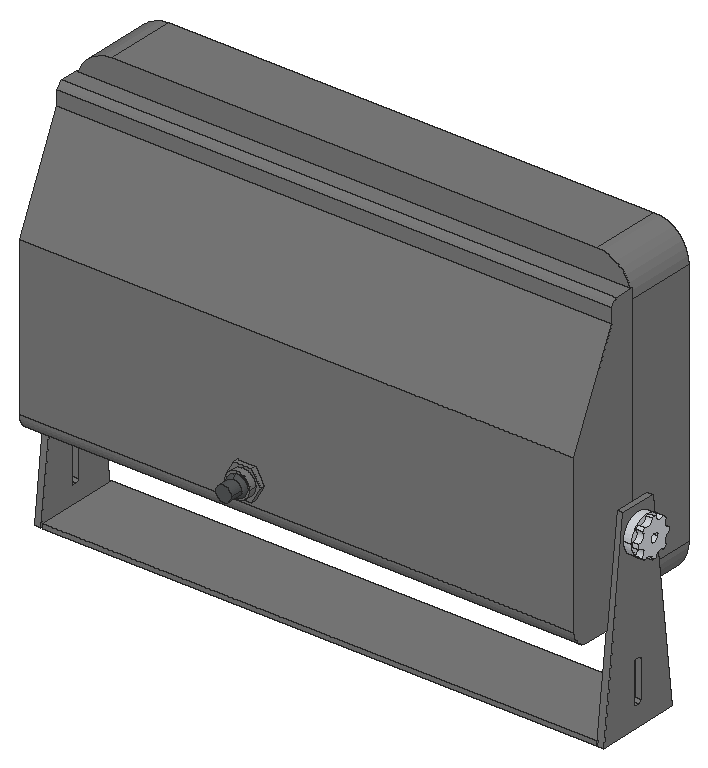
Revit family "WALL WASHER PRO_LV363WW.40", category Luminarias, Revit 2019
Family settings
  Cota de conector redondo = Diámetro de uso
  Tipo de pieza = Normal
  Se basa en plano de trabajo = Sí
  Siempre vertical = No
  Corte con vacíos al cargar = No
  Origen de luz = Sí
  Compartido = No
  Punto de cálculo de habitación = No
Parameters (values of type "REFL_LV363WW.40")
  Ángulo de inclinación = 30.00°
  Zone [instance] = ""
  Watt per fixture = 108
  Wattage = 108 W
  built-in parameter 1150107 = 3000 (stored number, unit not read)
  built-in parameter 1150110 = 1 (stored number, unit not read)
  built-in parameter 1150109 = 1 (stored number, unit not read)
  built-in parameter 1150112 = 1 (stored number, unit not read)
  built-in parameter 1150113 = 1 (stored number, unit not read)
  built-in parameter 1114218 = 1 (stored number, unit not read)
  Keynote = ""
  built-in parameter 1150137 = (empty or 0)
  built-in parameter 1150132 = (empty or 0)
  Modelo = "LV363WW.40"
  Lámpara = "CREE"
  built-in parameter 1150105 = 436.85 (stored number, unit not read)
  built-in parameter 1150102 = (empty or 0)
  built-in parameter 1150106 = 4.3685 (stored number, unit not read)
  Lumens = 5489.64 lm
  Color Filter = 16777215
  built-in parameter 1114217 = 1 (stored number, unit not read)
  built-in parameter 1150139 = (empty or 0)
  Fabricante = "BRILLANT"
  Default Elevation = 0 mm
  built-in parameter 1150104 = 4.7223 (stored number, unit not read)
  Descripción = "LUMINARIA TIPO REFLECTOR MONOCROMATICO, WALL WASHER , CUERPO EN ALUMINIO FUNDIDO A PRESION CON UN PESO DE 10.4KG, CON 453MM DE LARGO POR 333MM DE ALTURA POR 114MM DE ESPESOR, CUENTA CON 36 LED TIPO CREE CON UN CONSUMO TOTAL DE 108W, 5490 LUMENES , CON UNA TEMPERATURA EN BLANCO CALIDO DE 3000K, IP 66,  CABLE H07RN DE 1.5M, APERTURA DE 40 GRADOS POR PROYECTO, ALIMENTADA A 90-277V."
  built-in parameter 1150115 = 1 (stored number, unit not read)
  built-in parameter 1150114 = 1 (stored number, unit not read)
  Comentarios de vataje = "90-277V"
  built-in parameter 1150138 = (empty or 0)
  built-in parameter 1150134 = (empty or 0)
  Circuit [instance] = ""
  Dimming Lamp Color Temperature Shift = 1
  Archivo de red fotométrica = "LV363WW_40.IES"
  built-in parameter 1150133 = 10 (stored number, unit not read)
Reference planes
  plane 1 "Centro (Frontal/Posterior)": y = 0
  plane 2: z = 0
  plane 3 "Centro (Izquierda/Derecha)": x = 0
  plane 4: x = -226.5
  plane 5: x = 226.5
  plane 6: z = 333
  plane 7: x = 0
  plane 8: y = 57
  plane 9: y = -57
  plane 10 "IZQ": x = -39.253
Forms (mm)
  Extrusion 1, solid, material "Aluminio"
    sketch origin (0, 0, 0) x (0, 1, 0) y (0, 0, 1)
      loop
        arc (-15, 311.344) -> (-17.857, 309.228) -> (-19.973, 306.371) r 12.072
        line (-19.973, 306.371) -> (-19.973, 295.012) -> (-57, 215.607) -> (-57, 90.801)
        arc (-57, 90.801) -> (-53.222, 81.679) -> (-44.099, 77.901) r 12.901
        line (-44.099, 77.901) -> (0, 77.901) -> (0, 311.344) -> (-15, 311.344)
    from -219.911 to 221.5
  Extrusion 2, solid, material "Aluminio"
    sketch origin (0, 0, 0) x (0, 1, 0) y (0, 0, -1)
      loop
        line (34.275, 0) -> (-34.275, 0) -> (-14.671, -159.662) -> (14.671, -159.662) -> (34.275, 0)
      loop
        line (-1.599, -49.837) -> (1.599, -49.837)
        arc (1.599, -49.837) -> (3.167, -49.187) -> (3.816, -47.62) r 2.217
        line (3.816, -47.62) -> (3.816, -18.226)
        arc (3.816, -18.226) -> (3.167, -16.658) -> (1.599, -16.009) r 2.217
        line (1.599, -16.009) -> (-1.599, -16.009)
        arc (-1.599, -16.009) -> (-3.167, -16.658) -> (-3.816, -18.226) r 2.217
        line (-3.816, -18.226) -> (-3.816, -47.62)
        arc (-3.816, -47.62) -> (-3.167, -49.187) -> (-1.599, -49.837) r 2.217
    from -226.5 to -221.5
  Extrusion 3, solid, material "Aluminio"
    sketch origin (0, 0, 0) x (1, 0, 0) y (0, 1, 0)
      loop
        line (-219.911, 35) -> (-219.911, -34.275) -> (221.5, -34.275) -> (221.5, 35) -> (-219.911, 35)
    from 0 to 3.546
  Revolve 4, solid
    sketch origin (-190.028, -248.577, 269.956) x (-1, 0, 0) y (0, -1, 0)
      loop
        line (-30.028, -289.911) -> (-30.028, -286.113) -> (-40.845, -286.113)
        arc (-40.845, -286.113) -> (-35.744, -288.888) -> (-30.028, -289.911) r 18.17
      axis (-30.028, -286.113) -> (-30.028, -289.911)
    angle from 0 to 360
  Extrusion 5, solid
    sketch origin (-19.132, 0, -2.987) x (0, 1, 0) y (0, 0, -1)
      loop
        circle (0, -142.5) r 15
    from 207.368 to 214.676
  Extrusion 6, solid
    sketch origin (-19.132, 0, -81.925) x (0, 1, 0) y (0, 0, 1)
      loop
        arc (14.911, 219.803) -> (15, 221.438) -> (14.911, 223.073) r 15
        arc (14.911, 223.073) -> (10.77, 225.899) -> (11.7, 230.825) r 4.579
        arc (11.7, 230.825) -> (10.607, 232.045) -> (9.387, 233.138) r 15
        arc (9.387, 233.138) -> (4.461, 232.208) -> (1.635, 236.349) r 4.579
        arc (1.635, 236.349) -> (0, 236.438) -> (-1.635, 236.349) r 15
        arc (-1.635, 236.349) -> (-4.461, 232.208) -> (-9.387, 233.138) r 4.579
        arc (-9.387, 233.138) -> (-10.607, 232.045) -> (-11.7, 230.825) r 15
        arc (-11.7, 230.825) -> (-10.77, 225.899) -> (-14.911, 223.073) r 4.579
        arc (-14.911, 223.073) -> (-15, 221.438) -> (-14.911, 219.803) r 15
        arc (-14.911, 219.803) -> (-10.77, 216.977) -> (-11.7, 212.051) r 4.579
        arc (-11.7, 212.051) -> (-10.607, 210.832) -> (-9.387, 209.739) r 15
        arc (-9.387, 209.739) -> (-4.461, 210.669) -> (-1.635, 206.528) r 4.579
        arc (-1.635, 206.528) -> (0, 206.438) -> (1.635, 206.528) r 15
        arc (1.635, 206.528) -> (4.461, 210.669) -> (9.387, 209.739) r 4.579
        arc (9.387, 209.739) -> (10.607, 210.832) -> (11.7, 212.051) r 15
        arc (11.7, 212.051) -> (10.77, 216.977) -> (14.911, 219.803) r 4.579
      loop
        circle (0, 221.438) r 3.632
    from -220.417 to -214.676
  Extrusion 7, solid
    sketch origin (19.132, 0, -2.987) x (0, 1, 0) y (0, 0, 1)
      loop
        circle (0, 142.5) r 15
    from 207.368 to 214.676
  Extrusion 8, solid
    sketch origin (19.132, 0, -81.925) x (0, 1, 0) y (0, 0, -1)
      loop
        arc (14.911, -219.803) -> (10.77, -216.977) -> (11.7, -212.051) r 4.579
        arc (11.7, -212.051) -> (10.607, -210.832) -> (9.387, -209.739) r 15
        arc (9.387, -209.739) -> (4.461, -210.669) -> (1.635, -206.528) r 4.579
        arc (1.635, -206.528) -> (0, -206.438) -> (-1.635, -206.528) r 15
        arc (-1.635, -206.528) -> (-4.461, -210.669) -> (-9.387, -209.739) r 4.579
        arc (-9.387, -209.739) -> (-10.607, -210.832) -> (-11.7, -212.051) r 15
        arc (-11.7, -212.051) -> (-10.77, -216.977) -> (-14.911, -219.803) r 4.579
        arc (-14.911, -219.803) -> (-15, -221.438) -> (-14.911, -223.073) r 15
        arc (-14.911, -223.073) -> (-10.77, -225.899) -> (-11.7, -230.825) r 4.579
        arc (-11.7, -230.825) -> (-10.607, -232.045) -> (-9.387, -233.138) r 15
        arc (-9.387, -233.138) -> (-4.461, -232.208) -> (-1.635, -236.349) r 4.579
        arc (-1.635, -236.349) -> (0, -236.438) -> (1.635, -236.349) r 15
        arc (1.635, -236.349) -> (4.461, -232.208) -> (9.387, -233.138) r 4.579
        arc (9.387, -233.138) -> (10.607, -232.045) -> (11.7, -230.825) r 15
        arc (11.7, -230.825) -> (10.77, -225.899) -> (14.911, -223.073) r 4.579
        arc (14.911, -223.073) -> (15, -221.438) -> (14.911, -219.803) r 15
      loop
        circle (0, -221.438) r 3.632
    from -220.417 to -214.676
  Revolve 9, solid
    sketch origin (129.972, -248.577, 269.956) x (-1, 0, 0) y (0, -1, 0)
      loop
        line (-30.028, -289.911) -> (-30.028, -286.113) -> (-40.845, -286.113)
        arc (-40.845, -286.113) -> (-35.744, -288.888) -> (-30.028, -289.911) r 18.17
      axis (-30.028, -286.113) -> (-30.028, -289.911)
    angle from 0 to 360
  Revolve 10, solid
    sketch origin (-158.028, -248.577, 269.956) x (-1, 0, 0) y (0, -1, 0)
      loop
        line (-30.028, -289.911) -> (-30.028, -286.113) -> (-40.845, -286.113)
        arc (-40.845, -286.113) -> (-35.744, -288.888) -> (-30.028, -289.911) r 18.17
      axis (-30.028, -286.113) -> (-30.028, -289.911)
    angle from 0 to 360
  Revolve 11, solid
    sketch origin (-126.028, -248.577, 269.956) x (-1, 0, 0) y (0, -1, 0)
      loop
        line (-30.028, -289.911) -> (-30.028, -286.113) -> (-40.845, -286.113)
        arc (-40.845, -286.113) -> (-35.744, -288.888) -> (-30.028, -289.911) r 18.17
      axis (-30.028, -286.113) -> (-30.028, -289.911)
    angle from 0 to 360
  Revolve 12, solid
    sketch origin (-94.028, -248.577, 269.956) x (-1, 0, 0) y (0, -1, 0)
      loop
        line (-30.028, -289.911) -> (-30.028, -286.113) -> (-40.845, -286.113)
        arc (-40.845, -286.113) -> (-35.744, -288.888) -> (-30.028, -289.911) r 18.17
      axis (-30.028, -286.113) -> (-30.028, -289.911)
    angle from 0 to 360
  Revolve 13, solid
    sketch origin (-62.028, -248.577, 269.956) x (-1, 0, 0) y (0, -1, 0)
      loop
        line (-30.028, -289.911) -> (-30.028, -286.113) -> (-40.845, -286.113)
        arc (-40.845, -286.113) -> (-35.744, -288.888) -> (-30.028, -289.911) r 18.17
      axis (-30.028, -286.113) -> (-30.028, -289.911)
    angle from 0 to 360
  Revolve 14, solid
    sketch origin (-30.028, -248.577, 269.956) x (-1, 0, 0) y (0, -1, 0)
      loop
        line (-30.028, -289.911) -> (-30.028, -286.113) -> (-40.845, -286.113)
        arc (-40.845, -286.113) -> (-35.744, -288.888) -> (-30.028, -289.911) r 18.17
      axis (-30.028, -286.113) -> (-30.028, -289.911)
    angle from 0 to 360
  Revolve 15, solid
    sketch origin (1.972, -248.577, 269.956) x (-1, 0, 0) y (0, -1, 0)
      loop
        line (-30.028, -289.911) -> (-30.028, -286.113) -> (-40.845, -286.113)
        arc (-40.845, -286.113) -> (-35.744, -288.888) -> (-30.028, -289.911) r 18.17
      axis (-30.028, -286.113) -> (-30.028, -289.911)
    angle from 0 to 360
  Revolve 16, solid
    sketch origin (33.972, -248.577, 269.956) x (-1, 0, 0) y (0, -1, 0)
      loop
        line (-30.028, -289.911) -> (-30.028, -286.113) -> (-40.845, -286.113)
        arc (-40.845, -286.113) -> (-35.744, -288.888) -> (-30.028, -289.911) r 18.17
      axis (-30.028, -286.113) -> (-30.028, -289.911)
    angle from 0 to 360
  Revolve 17, solid
    sketch origin (65.972, -248.577, 269.956) x (-1, 0, 0) y (0, -1, 0)
      loop
        line (-30.028, -289.911) -> (-30.028, -286.113) -> (-40.845, -286.113)
        arc (-40.845, -286.113) -> (-35.744, -288.888) -> (-30.028, -289.911) r 18.17
      axis (-30.028, -286.113) -> (-30.028, -289.911)
    angle from 0 to 360
  Revolve 18, solid
    sketch origin (97.972, -248.577, 269.956) x (-1, 0, 0) y (0, -1, 0)
      loop
        line (-30.028, -289.911) -> (-30.028, -286.113) -> (-40.845, -286.113)
        arc (-40.845, -286.113) -> (-35.744, -288.888) -> (-30.028, -289.911) r 18.17
      axis (-30.028, -286.113) -> (-30.028, -289.911)
    angle from 0 to 360
  Revolve 19, solid
    sketch origin (-190.028, -248.577, 229.956) x (-1, 0, 0) y (0, -1, 0)
      loop
        line (-30.028, -289.911) -> (-30.028, -286.113) -> (-40.845, -286.113)
        arc (-40.845, -286.113) -> (-35.744, -288.888) -> (-30.028, -289.911) r 18.17
      axis (-30.028, -286.113) -> (-30.028, -289.911)
    angle from 0 to 360
  Revolve 20, solid
    sketch origin (129.972, -248.577, 229.956) x (-1, 0, 0) y (0, -1, 0)
      loop
        line (-30.028, -289.911) -> (-30.028, -286.113) -> (-40.845, -286.113)
        arc (-40.845, -286.113) -> (-35.744, -288.888) -> (-30.028, -289.911) r 18.17
      axis (-30.028, -286.113) -> (-30.028, -289.911)
    angle from 0 to 360
  Revolve 21, solid
    sketch origin (-158.028, -248.577, 229.956) x (-1, 0, 0) y (0, -1, 0)
      loop
        line (-30.028, -289.911) -> (-30.028, -286.113) -> (-40.845, -286.113)
        arc (-40.845, -286.113) -> (-35.744, -288.888) -> (-30.028, -289.911) r 18.17
      axis (-30.028, -286.113) -> (-30.028, -289.911)
    angle from 0 to 360
  Revolve 22, solid
    sketch origin (-126.028, -248.577, 229.956) x (-1, 0, 0) y (0, -1, 0)
      loop
        line (-30.028, -289.911) -> (-30.028, -286.113) -> (-40.845, -286.113)
        arc (-40.845, -286.113) -> (-35.744, -288.888) -> (-30.028, -289.911) r 18.17
      axis (-30.028, -286.113) -> (-30.028, -289.911)
    angle from 0 to 360
  Revolve 23, solid
    sketch origin (-94.028, -248.577, 229.956) x (-1, 0, 0) y (0, -1, 0)
      loop
        line (-30.028, -289.911) -> (-30.028, -286.113) -> (-40.845, -286.113)
        arc (-40.845, -286.113) -> (-35.744, -288.888) -> (-30.028, -289.911) r 18.17
      axis (-30.028, -286.113) -> (-30.028, -289.911)
    angle from 0 to 360
  Revolve 24, solid
    sketch origin (-62.028, -248.577, 229.956) x (-1, 0, 0) y (0, -1, 0)
      loop
        line (-30.028, -289.911) -> (-30.028, -286.113) -> (-40.845, -286.113)
        arc (-40.845, -286.113) -> (-35.744, -288.888) -> (-30.028, -289.911) r 18.17
      axis (-30.028, -286.113) -> (-30.028, -289.911)
    angle from 0 to 360
  Revolve 25, solid
    sketch origin (-30.028, -248.577, 229.956) x (-1, 0, 0) y (0, -1, 0)
      loop
        line (-30.028, -289.911) -> (-30.028, -286.113) -> (-40.845, -286.113)
        arc (-40.845, -286.113) -> (-35.744, -288.888) -> (-30.028, -289.911) r 18.17
      axis (-30.028, -286.113) -> (-30.028, -289.911)
    angle from 0 to 360
  Revolve 26, solid
    sketch origin (1.972, -248.577, 229.956) x (-1, 0, 0) y (0, -1, 0)
      loop
        line (-30.028, -289.911) -> (-30.028, -286.113) -> (-40.845, -286.113)
        arc (-40.845, -286.113) -> (-35.744, -288.888) -> (-30.028, -289.911) r 18.17
      axis (-30.028, -286.113) -> (-30.028, -289.911)
    angle from 0 to 360
  Revolve 27, solid
    sketch origin (33.972, -248.577, 229.956) x (-1, 0, 0) y (0, -1, 0)
      loop
        line (-30.028, -289.911) -> (-30.028, -286.113) -> (-40.845, -286.113)
        arc (-40.845, -286.113) -> (-35.744, -288.888) -> (-30.028, -289.911) r 18.17
      axis (-30.028, -286.113) -> (-30.028, -289.911)
    angle from 0 to 360
  Revolve 28, solid
    sketch origin (65.972, -248.577, 229.956) x (-1, 0, 0) y (0, -1, 0)
      loop
        line (-30.028, -289.911) -> (-30.028, -286.113) -> (-40.845, -286.113)
        arc (-40.845, -286.113) -> (-35.744, -288.888) -> (-30.028, -289.911) r 18.17
      axis (-30.028, -286.113) -> (-30.028, -289.911)
    angle from 0 to 360
  Revolve 29, solid
    sketch origin (97.972, -248.577, 229.956) x (-1, 0, 0) y (0, -1, 0)
      loop
        line (-30.028, -289.911) -> (-30.028, -286.113) -> (-40.845, -286.113)
        arc (-40.845, -286.113) -> (-35.744, -288.888) -> (-30.028, -289.911) r 18.17
      axis (-30.028, -286.113) -> (-30.028, -289.911)
    angle from 0 to 360
  Revolve 30, solid
    sketch origin (-190.028, -248.577, 189.956) x (-1, 0, 0) y (0, -1, 0)
      loop
        line (-30.028, -289.911) -> (-30.028, -286.113) -> (-40.845, -286.113)
        arc (-40.845, -286.113) -> (-35.744, -288.888) -> (-30.028, -289.911) r 18.17
      axis (-30.028, -286.113) -> (-30.028, -289.911)
    angle from 0 to 360
  Revolve 31, solid
    sketch origin (129.972, -248.577, 189.956) x (-1, 0, 0) y (0, -1, 0)
      loop
        line (-30.028, -289.911) -> (-30.028, -286.113) -> (-40.845, -286.113)
        arc (-40.845, -286.113) -> (-35.744, -288.888) -> (-30.028, -289.911) r 18.17
      axis (-30.028, -286.113) -> (-30.028, -289.911)
    angle from 0 to 360
  Revolve 32, solid
    sketch origin (-158.028, -248.577, 189.956) x (-1, 0, 0) y (0, -1, 0)
      loop
        line (-30.028, -289.911) -> (-30.028, -286.113) -> (-40.845, -286.113)
        arc (-40.845, -286.113) -> (-35.744, -288.888) -> (-30.028, -289.911) r 18.17
      axis (-30.028, -286.113) -> (-30.028, -289.911)
    angle from 0 to 360
  Revolve 33, solid
    sketch origin (-126.028, -248.577, 189.956) x (-1, 0, 0) y (0, -1, 0)
      loop
        line (-30.028, -289.911) -> (-30.028, -286.113) -> (-40.845, -286.113)
        arc (-40.845, -286.113) -> (-35.744, -288.888) -> (-30.028, -289.911) r 18.17
      axis (-30.028, -286.113) -> (-30.028, -289.911)
    angle from 0 to 360
  Revolve 34, solid
    sketch origin (-94.028, -248.577, 189.956) x (-1, 0, 0) y (0, -1, 0)
      loop
        line (-30.028, -289.911) -> (-30.028, -286.113) -> (-40.845, -286.113)
        arc (-40.845, -286.113) -> (-35.744, -288.888) -> (-30.028, -289.911) r 18.17
      axis (-30.028, -286.113) -> (-30.028, -289.911)
    angle from 0 to 360
  Revolve 35, solid
    sketch origin (-62.028, -248.577, 189.956) x (-1, 0, 0) y (0, -1, 0)
      loop
        line (-30.028, -289.911) -> (-30.028, -286.113) -> (-40.845, -286.113)
        arc (-40.845, -286.113) -> (-35.744, -288.888) -> (-30.028, -289.911) r 18.17
      axis (-30.028, -286.113) -> (-30.028, -289.911)
    angle from 0 to 360
  Revolve 36, solid
    sketch origin (-30.028, -248.577, 189.956) x (-1, 0, 0) y (0, -1, 0)
      loop
        line (-30.028, -289.911) -> (-30.028, -286.113) -> (-40.845, -286.113)
        arc (-40.845, -286.113) -> (-35.744, -288.888) -> (-30.028, -289.911) r 18.17
      axis (-30.028, -286.113) -> (-30.028, -289.911)
    angle from 0 to 360
  Revolve 37, solid
    sketch origin (1.972, -248.577, 189.956) x (-1, 0, 0) y (0, -1, 0)
      loop
        line (-30.028, -289.911) -> (-30.028, -286.113) -> (-40.845, -286.113)
        arc (-40.845, -286.113) -> (-35.744, -288.888) -> (-30.028, -289.911) r 18.17
      axis (-30.028, -286.113) -> (-30.028, -289.911)
    angle from 0 to 360
  Revolve 38, solid
    sketch origin (33.972, -248.577, 189.956) x (-1, 0, 0) y (0, -1, 0)
      loop
        line (-30.028, -289.911) -> (-30.028, -286.113) -> (-40.845, -286.113)
        arc (-40.845, -286.113) -> (-35.744, -288.888) -> (-30.028, -289.911) r 18.17
      axis (-30.028, -286.113) -> (-30.028, -289.911)
    angle from 0 to 360
  Revolve 39, solid
    sketch origin (65.972, -248.577, 189.956) x (-1, 0, 0) y (0, -1, 0)
      loop
        line (-30.028, -289.911) -> (-30.028, -286.113) -> (-40.845, -286.113)
        arc (-40.845, -286.113) -> (-35.744, -288.888) -> (-30.028, -289.911) r 18.17
      axis (-30.028, -286.113) -> (-30.028, -289.911)
    angle from 0 to 360
  Revolve 40, solid
    sketch origin (97.972, -248.577, 189.956) x (-1, 0, 0) y (0, -1, 0)
      loop
        line (-30.028, -289.911) -> (-30.028, -286.113) -> (-40.845, -286.113)
        arc (-40.845, -286.113) -> (-35.744, -288.888) -> (-30.028, -289.911) r 18.17
      axis (-30.028, -286.113) -> (-30.028, -289.911)
    angle from 0 to 360
  Revolve 41, solid
    sketch origin (-47.023, -248.577, 137.648) x (-1, 0, 0) y (0, -1, 0)
      loop
        line (-30.028, -289.911) -> (-30.028, -286.113) -> (-36.879, -286.113)
        arc (-36.879, -286.113) -> (-33.928, -288.868) -> (-30.028, -289.911) r 8.331
      axis (-30.028, -286.113) -> (-30.028, -289.911)
    angle from 0 to 360
  Revolve 42, solid
    sketch origin (-69.28, -248.577, 137.648) x (-1, 0, 0) y (0, -1, 0)
      loop
        line (-30.028, -289.911) -> (-30.028, -286.113) -> (-36.879, -286.113)
        arc (-36.879, -286.113) -> (-33.928, -288.868) -> (-30.028, -289.911) r 8.331
      axis (-30.028, -286.113) -> (-30.028, -289.911)
    angle from 0 to 360
  Revolve 43, solid
    sketch origin (47.023, -248.577, 137.648) x (1, 0, 0) y (0, 1, 0)
      loop
        arc (-30.028, 289.911) -> (-33.928, 288.868) -> (-36.879, 286.113) r 8.331
        line (-36.879, 286.113) -> (-30.028, 286.113) -> (-30.028, 289.911)
      axis (-30.028, 286.113) -> (-30.028, 289.911)
    angle from 0 to 360
  Revolve 44, solid
    sketch origin (69.28, -248.577, 137.648) x (1, 0, 0) y (0, 1, 0)
      loop
        arc (-30.028, 289.911) -> (-33.928, 288.868) -> (-36.879, 286.113) r 8.331
        line (-36.879, 286.113) -> (-30.028, 286.113) -> (-30.028, 289.911)
      axis (-30.028, 286.113) -> (-30.028, 289.911)
    angle from 0 to 360
  Extrusion 45, solid, material "Aluminio"
    sketch origin (0, 0, 0) x (0, 1, 0) y (0, 0, 1)
      loop
        line (34.275, 0) -> (14.671, 159.662) -> (-14.671, 159.662) -> (-34.275, 0) -> (34.275, 0)
      loop
        arc (-1.599, 49.837) -> (-3.167, 49.187) -> (-3.816, 47.62) r 2.217
        line (-3.816, 47.62) -> (-3.816, 18.226)
        arc (-3.816, 18.226) -> (-3.167, 16.658) -> (-1.599, 16.009) r 2.217
        line (-1.599, 16.009) -> (1.599, 16.009)
        arc (1.599, 16.009) -> (3.167, 16.658) -> (3.816, 18.226) r 2.217
        line (3.816, 18.226) -> (3.816, 47.62)
        arc (3.816, 47.62) -> (3.167, 49.187) -> (1.599, 49.837) r 2.217
        line (1.599, 49.837) -> (-1.599, 49.837)
    from -226.5 to -221.5
  Extrusion 46, solid, material "Aluminio"
    sketch origin (0, -3.816, 57.007) x (1, 0, 0) y (0, 0, 1)
      loop
        circle (-39.253, 51.253) r 10
    from 57 to 62.744
  Extrusion 47, solid, material "Aluminio"
    sketch origin (0, -3.816, 50.757) x (1, 0, 0) y (0, 0, 1)
      loop
        line (-46.239, 69.604) -> (-53.226, 57.503) -> (-46.239, 45.402) -> (-32.266, 45.402) -> (-25.28, 57.503) -> (-32.266, 69.604) -> (-46.239, 69.604)
    from 53.184 to 57
  Revolve 48, solid, material "Plastico"
    sketch origin (-39.253, -3.816, 50.757) x (0, 0, 1) y (0, -1, 0)
      loop
        line (57.503, 62.744) -> (65.76, 62.744)
        spline (65.76, 62.744) -> (65.69, 63.494) -> (65.479, 64.231) -> (65.132, 64.942) -> (64.654, 65.616) -> (64.054, 66.241) -> (63.342, 66.806) -> (62.53, 67.301) -> (61.632, 67.719) -> (60.663, 68.051) -> (59.64, 68.293) -> (58.581, 68.439) -> (57.503, 68.488)
        line (57.503, 68.488) -> (57.503, 62.744)
      axis (57.503, 62.744) -> (57.503, 68.488)
    angle from 0 to 360
  Extrusion 49, solid, material "Plastico"
    sketch origin (0, -3.816, 80.757) x (1, 0, 0) y (0, 0, 1)
      loop
        circle (-39.253, 27.503) r 6.192
    from 62.744 to 76.136
  Extrusion 50, solid, material "Aluminio"
    sketch origin (0, 0, 0) x (1, 0, 0) y (0, 0, 1)
      loop
        arc (-192.411, 330.5) -> (-211.856, 322.445) -> (-219.911, 303) r 27.5
        line (-219.911, 303) -> (-219.911, 105.401)
        arc (-219.911, 105.401) -> (-211.856, 85.955) -> (-192.411, 77.901) r 27.5
        line (-192.411, 77.901) -> (194, 77.901)
        arc (194, 77.901) -> (213.445, 85.955) -> (221.5, 105.401) r 27.5
        line (221.5, 105.401) -> (221.5, 303)
        arc (221.5, 303) -> (213.445, 322.445) -> (194, 330.5) r 27.5
        line (194, 330.5) -> (-192.411, 330.5)
      loop
        arc (-173.287, 311.344) -> (-190.963, 304.022) -> (-198.284, 286.347) r 24.997
        line (-198.284, 286.347) -> (-198.284, 130.402)
        arc (-198.284, 130.402) -> (-190.963, 112.726) -> (-173.287, 105.405) r 24.997
        line (-173.287, 105.405) -> (173.269, 105.405)
        arc (173.269, 105.405) -> (190.938, 112.724) -> (198.258, 130.394) r 24.989
        line (198.258, 130.394) -> (198.258, 286.36)
        arc (198.258, 286.36) -> (190.94, 304.026) -> (173.273, 311.344) r 24.984
        line (173.273, 311.344) -> (-173.287, 311.344)
    from -57 to 0
  Extrusion 51, solid, material "Cristal"
    sketch origin (0, 0, 0) x (1, 0, 0) y (0, 0, 1)
      loop
        arc (-170.787, 311.343) -> (-188.463, 304.022) -> (-195.784, 286.347) r 24.997
        line (-195.784, 286.347) -> (-195.784, 132.902)
        arc (-195.784, 132.902) -> (-188.463, 115.227) -> (-170.787, 107.906) r 24.996
        line (-170.787, 107.906) -> (170.771, 107.906)
        arc (170.771, 107.906) -> (188.445, 115.226) -> (195.765, 132.9) r 24.994
        line (195.765, 132.9) -> (195.765, 286.348)
        arc (195.765, 286.348) -> (188.444, 304.022) -> (170.77, 311.343) r 24.995
        line (170.77, 311.343) -> (-170.787, 311.343)
    from -57 to -54.932
Dimensions and locks
  equal spacing: plane 4, plane 3 "Centro (Izquierda/Derecha)", plane 5
  plane 4 to plane 5 = 453 mm
  plane 4 to plane 3 "Centro (Izquierda/Derecha)" = 226.5 mm
  plane 6 to plane 2 = 333 mm
  plane 6 to level = 333 mm
  plane 5 to plane 4 = 453 mm
  equal spacing: plane 9, plane 1 "Centro (Frontal/Posterior)", plane 8
  plane 9 to plane 8 = 114 mm
  plane 9 to plane 1 "Centro (Frontal/Posterior)" = 57 mm
  Extrusion 3 to Extrusion 3 = 3.546 mm
  Extrusion 2 to Extrusion 2 = 5 mm
  plane 3 "Centro (Izquierda/Derecha)" to plane 4 = 226.5 mm
  aligned and locked: level to plane 2
  aligned and locked: plane 5 to Extrusion 2
  aligned and locked: Extrusion 49 to Revolve 48
  aligned and locked: Extrusion 46 to Revolve 48
  aligned and locked: Extrusion 50 sketch curve to Extrusion 1  (x3)
  aligned and locked: Extrusion 50 to plane 8
Automatic sketch dimensions
  Extrusion 1 sketch curve to plane 9 = 0 mm
  Extrusion 1 sketch curve to plane 6 = 21.656 mm
  Extrusion 1 sketch curve to plane 1 "Centro (Frontal/Posterior)" = 0 mm
  plane 9 to Extrusion 1 sketch curve = 12.901 mm
  plane 1 "Centro (Frontal/Posterior)" to Extrusion 1 sketch curve = 19.973 mm
  Extrusion 1 sketch curve to Extrusion 1 sketch curve = 4.973 mm
  plane 1 "Centro (Frontal/Posterior)" to Extrusion 1 sketch curve = 9.321 mm
  Extrusion 1 sketch curve to plane 6 = 26.629 mm
  Extrusion 1 sketch curve to Extrusion 1 sketch curve = 11.359 mm
  Extrusion 1 sketch curve to Extrusion 1 sketch curve = 79.405 mm
  level to Extrusion 1 sketch curve = 90.801 mm
  Extrusion 2 sketch curve to level = 0 mm
  plane 9 to Extrusion 2 sketch curve = 22.725 mm
  plane 1 "Centro (Frontal/Posterior)" to Extrusion 2 sketch curve = 14.671 mm
  plane 1 "Centro (Frontal/Posterior)" to Extrusion 2 sketch curve = 3.816 mm
  plane 1 "Centro (Frontal/Posterior)" to Extrusion 2 sketch curve = 1.599 mm  (x2)
  Extrusion 2 sketch curve to plane 1 "Centro (Frontal/Posterior)" = 1.599 mm  (x2)
  Extrusion 2 sketch curve to Extrusion 2 sketch curve = 2.217 mm
  Extrusion 2 sketch curve to plane 1 "Centro (Frontal/Posterior)" = 14.671 mm
  plane 8 to Extrusion 2 sketch curve = 22.725 mm
  level to Extrusion 2 sketch curve = 16.009 mm
  Extrusion 2 sketch curve to Extrusion 2 sketch curve = 29.393 mm
  Extrusion 2 sketch curve to Extrusion 2 sketch curve = 109.825 mm
  plane 9 to Extrusion 3 sketch curve = 22.725 mm
  plane 8 to Extrusion 3 sketch curve = 22 mm
  plane 8 to Revolve 4 sketch curve = 19.464 mm
  plane 4 to Revolve 4 sketch curve = 77.318 mm
  Revolve 4 sketch curve to Revolve 4 sketch curve = 10.818 mm
  Revolve 4 sketch curve to Revolve 4 sketch curve = 0.303 mm
  Revolve 4 sketch curve to Revolve 4 sketch curve = 3.798 mm
  Revolve 4 sketch curve to Revolve 4 sketch curve = 0 mm
  Revolve 4 sketch curve to Revolve 4 sketch curve = 1.294 mm
  Revolve 4 sketch curve to plane 8 = 13.163 mm
  Extrusion 5 sketch curve to plane 1 "Centro (Frontal/Posterior)" = 0 mm
  level to Extrusion 5 sketch curve = 139.513 mm
  Extrusion 6 sketch curve to Extrusion 6 sketch curve = 0 mm  (x77)
  Extrusion 6 sketch curve to plane 1 "Centro (Frontal/Posterior)" = 0 mm
  plane 1 "Centro (Frontal/Posterior)" to Extrusion 6 sketch curve = 6.213 mm  (x2)
  Extrusion 6 sketch curve to Extrusion 6 sketch curve = 8.787 mm  (x5)
  Extrusion 6 sketch curve to plane 1 "Centro (Frontal/Posterior)" = 6.213 mm  (x2)
  level to Extrusion 6 sketch curve = 124.513 mm
  Extrusion 6 sketch curve to Extrusion 6 sketch curve = 15 mm
  Extrusion 6 sketch curve to Extrusion 6 sketch curve = 12.426 mm  (x2)
  plane 1 "Centro (Frontal/Posterior)" to Extrusion 6 sketch curve = 1.635 mm  (x2)
  Extrusion 6 sketch curve to Extrusion 6 sketch curve = 3.174 mm  (x4)
  Extrusion 6 sketch curve to Extrusion 6 sketch curve = 2.312 mm  (x4)
  Extrusion 6 sketch curve to Extrusion 6 sketch curve = 0.089 mm  (x3)
  Extrusion 6 sketch curve to plane 1 "Centro (Frontal/Posterior)" = 1.635 mm  (x2)
  Extrusion 7 sketch curve to plane 1 "Centro (Frontal/Posterior)" = 0 mm
  level to Extrusion 7 sketch curve = 139.513 mm
  Extrusion 8 sketch curve to Extrusion 8 sketch curve = 0 mm  (x77)
  Extrusion 8 sketch curve to plane 1 "Centro (Frontal/Posterior)" = 0 mm
  plane 1 "Centro (Frontal/Posterior)" to Extrusion 8 sketch curve = 6.213 mm  (x2)
  Extrusion 8 sketch curve to Extrusion 8 sketch curve = 8.787 mm  (x5)
  Extrusion 8 sketch curve to plane 1 "Centro (Frontal/Posterior)" = 6.213 mm  (x2)
  level to Extrusion 8 sketch curve = 154.513 mm
  Extrusion 8 sketch curve to Extrusion 8 sketch curve = 15 mm
  Extrusion 8 sketch curve to Extrusion 8 sketch curve = 12.426 mm  (x2)
  plane 1 "Centro (Frontal/Posterior)" to Extrusion 8 sketch curve = 1.635 mm  (x2)
  Extrusion 8 sketch curve to Extrusion 8 sketch curve = 3.174 mm  (x4)
  Extrusion 8 sketch curve to Extrusion 8 sketch curve = 2.312 mm  (x4)
  Extrusion 8 sketch curve to Extrusion 8 sketch curve = 0.089 mm  (x3)
  Extrusion 8 sketch curve to plane 1 "Centro (Frontal/Posterior)" = 1.635 mm  (x2)
  plane 8 to Revolve 9 sketch curve = 19.464 mm
  Revolve 9 sketch curve to plane 5 = 55.682 mm
  Revolve 9 sketch curve to Revolve 9 sketch curve = 10.818 mm
  Revolve 9 sketch curve to Revolve 9 sketch curve = 0.303 mm
  Revolve 9 sketch curve to Revolve 9 sketch curve = 3.798 mm
  Revolve 9 sketch curve to Revolve 9 sketch curve = 0 mm
  Revolve 9 sketch curve to Revolve 9 sketch curve = 1.294 mm
  Revolve 9 sketch curve to plane 8 = 13.163 mm
  plane 8 to Revolve 10 sketch curve = 19.464 mm
  Revolve 10 sketch curve to plane 10 "IZQ" = 77.929 mm
  Revolve 10 sketch curve to Revolve 10 sketch curve = 10.818 mm
  Revolve 10 sketch curve to Revolve 10 sketch curve = 0.303 mm
  Revolve 10 sketch curve to Revolve 10 sketch curve = 3.798 mm
  Revolve 10 sketch curve to Revolve 10 sketch curve = 0 mm
  Revolve 10 sketch curve to Revolve 10 sketch curve = 1.294 mm
  Revolve 10 sketch curve to plane 8 = 13.163 mm
  plane 8 to Revolve 11 sketch curve = 19.464 mm
  Revolve 11 sketch curve to plane 10 "IZQ" = 45.929 mm
  Revolve 11 sketch curve to Revolve 11 sketch curve = 10.818 mm
  Revolve 11 sketch curve to Revolve 11 sketch curve = 0.303 mm
  Revolve 11 sketch curve to Revolve 11 sketch curve = 3.798 mm
  Revolve 11 sketch curve to Revolve 11 sketch curve = 0 mm
  Revolve 11 sketch curve to Revolve 11 sketch curve = 1.294 mm
  Revolve 11 sketch curve to plane 8 = 13.163 mm
  Revolve 12 sketch curve to plane 10 "IZQ" = 13.929 mm
  Revolve 12 sketch curve to Revolve 12 sketch curve = 10.818 mm
  Revolve 12 sketch curve to Revolve 12 sketch curve = 0.303 mm
  plane 8 to Revolve 12 sketch curve = 15.666 mm
  Revolve 12 sketch curve to Revolve 12 sketch curve = 3.798 mm
  Revolve 12 sketch curve to Revolve 12 sketch curve = 0 mm
  Revolve 12 sketch curve to Revolve 12 sketch curve = 1.294 mm
  Revolve 12 sketch curve to plane 8 = 13.163 mm
  plane 10 "IZQ" to Revolve 13 sketch curve = 18.071 mm
  plane 10 "IZQ" to Revolve 13 sketch curve = 7.253 mm
  plane 10 "IZQ" to Revolve 13 sketch curve = 6.95 mm
  plane 8 to Revolve 13 sketch curve = 15.666 mm
  Revolve 13 sketch curve to Revolve 13 sketch curve = 3.798 mm
  Revolve 13 sketch curve to Revolve 13 sketch curve = 0 mm
  Revolve 13 sketch curve to Revolve 13 sketch curve = 1.294 mm
  Revolve 13 sketch curve to plane 8 = 13.163 mm
  Revolve 14 sketch curve to plane 3 "Centro (Izquierda/Derecha)" = 0 mm  (x2)
  Revolve 14 sketch curve to Revolve 14 sketch curve = 10.818 mm
  Revolve 14 sketch curve to plane 3 "Centro (Izquierda/Derecha)" = 0.303 mm
  plane 8 to Revolve 14 sketch curve = 15.666 mm
  Revolve 14 sketch curve to Revolve 14 sketch curve = 3.798 mm
  Revolve 14 sketch curve to Revolve 14 sketch curve = 1.294 mm
  Revolve 14 sketch curve to plane 8 = 13.163 mm
  plane 8 to Revolve 15 sketch curve = 19.464 mm
  plane 3 "Centro (Izquierda/Derecha)" to Revolve 15 sketch curve = 42.818 mm
  Revolve 15 sketch curve to Revolve 15 sketch curve = 10.818 mm
  Revolve 15 sketch curve to Revolve 15 sketch curve = 0.303 mm
  Revolve 15 sketch curve to Revolve 15 sketch curve = 3.798 mm
  Revolve 15 sketch curve to Revolve 15 sketch curve = 0 mm
  Revolve 15 sketch curve to Revolve 15 sketch curve = 1.294 mm
  Revolve 15 sketch curve to plane 8 = 13.163 mm
  plane 8 to Revolve 16 sketch curve = 19.464 mm
  plane 3 "Centro (Izquierda/Derecha)" to Revolve 16 sketch curve = 74.818 mm
  Revolve 16 sketch curve to Revolve 16 sketch curve = 10.818 mm
  Revolve 16 sketch curve to Revolve 16 sketch curve = 0.303 mm
  Revolve 16 sketch curve to Revolve 16 sketch curve = 3.798 mm
  Revolve 16 sketch curve to Revolve 16 sketch curve = 0 mm
  Revolve 16 sketch curve to Revolve 16 sketch curve = 1.294 mm
  Revolve 16 sketch curve to plane 8 = 13.163 mm
  plane 8 to Revolve 17 sketch curve = 19.464 mm
  plane 3 "Centro (Izquierda/Derecha)" to Revolve 17 sketch curve = 106.818 mm
  Revolve 17 sketch curve to Revolve 17 sketch curve = 10.818 mm
  Revolve 17 sketch curve to Revolve 17 sketch curve = 0.303 mm
  Revolve 17 sketch curve to Revolve 17 sketch curve = 3.798 mm
  Revolve 17 sketch curve to Revolve 17 sketch curve = 0 mm
  Revolve 17 sketch curve to Revolve 17 sketch curve = 1.294 mm
  Revolve 17 sketch curve to plane 8 = 13.163 mm
  plane 8 to Revolve 18 sketch curve = 19.464 mm
  Revolve 18 sketch curve to plane 5 = 87.682 mm
  Revolve 18 sketch curve to Revolve 18 sketch curve = 10.818 mm
  Revolve 18 sketch curve to Revolve 18 sketch curve = 0.303 mm
  Revolve 18 sketch curve to Revolve 18 sketch curve = 3.798 mm
  Revolve 18 sketch curve to Revolve 18 sketch curve = 0 mm
  Revolve 18 sketch curve to Revolve 18 sketch curve = 1.294 mm
  Revolve 18 sketch curve to plane 8 = 13.163 mm
  plane 8 to Revolve 19 sketch curve = 19.464 mm
  plane 4 to Revolve 19 sketch curve = 77.318 mm
  Revolve 19 sketch curve to Revolve 19 sketch curve = 10.818 mm
  Revolve 19 sketch curve to Revolve 19 sketch curve = 0.303 mm
  Revolve 19 sketch curve to Revolve 19 sketch curve = 3.798 mm
  Revolve 19 sketch curve to Revolve 19 sketch curve = 0 mm
  Revolve 19 sketch curve to Revolve 19 sketch curve = 1.294 mm
  Revolve 19 sketch curve to plane 8 = 13.163 mm
  plane 8 to Revolve 20 sketch curve = 19.464 mm
  Revolve 20 sketch curve to plane 5 = 55.682 mm
  Revolve 20 sketch curve to Revolve 20 sketch curve = 10.818 mm
  Revolve 20 sketch curve to Revolve 20 sketch curve = 0.303 mm
  Revolve 20 sketch curve to Revolve 20 sketch curve = 3.798 mm
  Revolve 20 sketch curve to Revolve 20 sketch curve = 0 mm
  Revolve 20 sketch curve to Revolve 20 sketch curve = 1.294 mm
  Revolve 20 sketch curve to plane 8 = 13.163 mm
  plane 8 to Revolve 21 sketch curve = 19.464 mm
  Revolve 21 sketch curve to plane 10 "IZQ" = 77.929 mm
  Revolve 21 sketch curve to Revolve 21 sketch curve = 10.818 mm
  Revolve 21 sketch curve to Revolve 21 sketch curve = 0.303 mm
  Revolve 21 sketch curve to Revolve 21 sketch curve = 3.798 mm
  Revolve 21 sketch curve to Revolve 21 sketch curve = 0 mm
  Revolve 21 sketch curve to Revolve 21 sketch curve = 1.294 mm
  Revolve 21 sketch curve to plane 8 = 13.163 mm
  plane 8 to Revolve 22 sketch curve = 19.464 mm
  Revolve 22 sketch curve to plane 10 "IZQ" = 45.929 mm
  Revolve 22 sketch curve to Revolve 22 sketch curve = 10.818 mm
  Revolve 22 sketch curve to Revolve 22 sketch curve = 0.303 mm
  Revolve 22 sketch curve to Revolve 22 sketch curve = 3.798 mm
  Revolve 22 sketch curve to Revolve 22 sketch curve = 0 mm
  Revolve 22 sketch curve to Revolve 22 sketch curve = 1.294 mm
  Revolve 22 sketch curve to plane 8 = 13.163 mm
  Revolve 23 sketch curve to plane 10 "IZQ" = 13.929 mm
  Revolve 23 sketch curve to Revolve 23 sketch curve = 10.818 mm
  Revolve 23 sketch curve to Revolve 23 sketch curve = 0.303 mm
  plane 8 to Revolve 23 sketch curve = 15.666 mm
  Revolve 23 sketch curve to Revolve 23 sketch curve = 3.798 mm
  Revolve 23 sketch curve to Revolve 23 sketch curve = 0 mm
  Revolve 23 sketch curve to Revolve 23 sketch curve = 1.294 mm
  Revolve 23 sketch curve to plane 8 = 13.163 mm
  plane 10 "IZQ" to Revolve 24 sketch curve = 18.071 mm
  plane 10 "IZQ" to Revolve 24 sketch curve = 7.253 mm
  plane 10 "IZQ" to Revolve 24 sketch curve = 6.95 mm
  plane 8 to Revolve 24 sketch curve = 15.666 mm
  Revolve 24 sketch curve to Revolve 24 sketch curve = 3.798 mm
  Revolve 24 sketch curve to Revolve 24 sketch curve = 0 mm
  Revolve 24 sketch curve to Revolve 24 sketch curve = 1.294 mm
  Revolve 24 sketch curve to plane 8 = 13.163 mm
  Revolve 25 sketch curve to plane 3 "Centro (Izquierda/Derecha)" = 0 mm  (x2)
  Revolve 25 sketch curve to Revolve 25 sketch curve = 10.818 mm
  Revolve 25 sketch curve to plane 3 "Centro (Izquierda/Derecha)" = 0.303 mm
  plane 8 to Revolve 25 sketch curve = 15.666 mm
  Revolve 25 sketch curve to Revolve 25 sketch curve = 3.798 mm
  Revolve 25 sketch curve to Revolve 25 sketch curve = 1.294 mm
  Revolve 25 sketch curve to plane 8 = 13.163 mm
  plane 8 to Revolve 26 sketch curve = 19.464 mm
  plane 3 "Centro (Izquierda/Derecha)" to Revolve 26 sketch curve = 42.818 mm
  Revolve 26 sketch curve to Revolve 26 sketch curve = 10.818 mm
  Revolve 26 sketch curve to Revolve 26 sketch curve = 0.303 mm
  Revolve 26 sketch curve to Revolve 26 sketch curve = 3.798 mm
  Revolve 26 sketch curve to Revolve 26 sketch curve = 0 mm
  Revolve 26 sketch curve to Revolve 26 sketch curve = 1.294 mm
  Revolve 26 sketch curve to plane 8 = 13.163 mm
  plane 8 to Revolve 27 sketch curve = 19.464 mm
  plane 3 "Centro (Izquierda/Derecha)" to Revolve 27 sketch curve = 74.818 mm
  Revolve 27 sketch curve to Revolve 27 sketch curve = 10.818 mm
  Revolve 27 sketch curve to Revolve 27 sketch curve = 0.303 mm
  Revolve 27 sketch curve to Revolve 27 sketch curve = 3.798 mm
  Revolve 27 sketch curve to Revolve 27 sketch curve = 0 mm
  Revolve 27 sketch curve to Revolve 27 sketch curve = 1.294 mm
  Revolve 27 sketch curve to plane 8 = 13.163 mm
  plane 8 to Revolve 28 sketch curve = 19.464 mm
  plane 3 "Centro (Izquierda/Derecha)" to Revolve 28 sketch curve = 106.818 mm
  Revolve 28 sketch curve to Revolve 28 sketch curve = 10.818 mm
  Revolve 28 sketch curve to Revolve 28 sketch curve = 0.303 mm
  Revolve 28 sketch curve to Revolve 28 sketch curve = 3.798 mm
  Revolve 28 sketch curve to Revolve 28 sketch curve = 0 mm
  Revolve 28 sketch curve to Revolve 28 sketch curve = 1.294 mm
  Revolve 28 sketch curve to plane 8 = 13.163 mm
  plane 8 to Revolve 29 sketch curve = 19.464 mm
  Revolve 29 sketch curve to plane 5 = 87.682 mm
  Revolve 29 sketch curve to Revolve 29 sketch curve = 10.818 mm
  Revolve 29 sketch curve to Revolve 29 sketch curve = 0.303 mm
  Revolve 29 sketch curve to Revolve 29 sketch curve = 3.798 mm
  Revolve 29 sketch curve to Revolve 29 sketch curve = 0 mm
  Revolve 29 sketch curve to Revolve 29 sketch curve = 1.294 mm
  Revolve 29 sketch curve to plane 8 = 13.163 mm
  plane 8 to Revolve 30 sketch curve = 19.464 mm
  plane 4 to Revolve 30 sketch curve = 77.318 mm
  Revolve 30 sketch curve to Revolve 30 sketch curve = 10.818 mm
  Revolve 30 sketch curve to Revolve 30 sketch curve = 0.303 mm
  Revolve 30 sketch curve to Revolve 30 sketch curve = 3.798 mm
  Revolve 30 sketch curve to Revolve 30 sketch curve = 0 mm
  Revolve 30 sketch curve to Revolve 30 sketch curve = 1.294 mm
  Revolve 30 sketch curve to plane 8 = 13.163 mm
  plane 8 to Revolve 31 sketch curve = 19.464 mm
  Revolve 31 sketch curve to plane 5 = 55.682 mm
  Revolve 31 sketch curve to Revolve 31 sketch curve = 10.818 mm
  Revolve 31 sketch curve to Revolve 31 sketch curve = 0.303 mm
  Revolve 31 sketch curve to Revolve 31 sketch curve = 3.798 mm
  Revolve 31 sketch curve to Revolve 31 sketch curve = 0 mm
  Revolve 31 sketch curve to Revolve 31 sketch curve = 1.294 mm
  Revolve 31 sketch curve to plane 8 = 13.163 mm
  plane 8 to Revolve 32 sketch curve = 19.464 mm
  Revolve 32 sketch curve to plane 10 "IZQ" = 77.929 mm
  Revolve 32 sketch curve to Revolve 32 sketch curve = 10.818 mm
  Revolve 32 sketch curve to Revolve 32 sketch curve = 0.303 mm
  Revolve 32 sketch curve to Revolve 32 sketch curve = 3.798 mm
  Revolve 32 sketch curve to Revolve 32 sketch curve = 0 mm
  Revolve 32 sketch curve to Revolve 32 sketch curve = 1.294 mm
  Revolve 32 sketch curve to plane 8 = 13.163 mm
  plane 8 to Revolve 33 sketch curve = 19.464 mm
  Revolve 33 sketch curve to plane 10 "IZQ" = 45.929 mm
  Revolve 33 sketch curve to Revolve 33 sketch curve = 10.818 mm
  Revolve 33 sketch curve to Revolve 33 sketch curve = 0.303 mm
  Revolve 33 sketch curve to Revolve 33 sketch curve = 3.798 mm
  Revolve 33 sketch curve to Revolve 33 sketch curve = 0 mm
  Revolve 33 sketch curve to Revolve 33 sketch curve = 1.294 mm
  Revolve 33 sketch curve to plane 8 = 13.163 mm
  Revolve 34 sketch curve to plane 10 "IZQ" = 13.929 mm
  Revolve 34 sketch curve to Revolve 34 sketch curve = 10.818 mm
  Revolve 34 sketch curve to Revolve 34 sketch curve = 0.303 mm
  plane 8 to Revolve 34 sketch curve = 15.666 mm
  Revolve 34 sketch curve to Revolve 34 sketch curve = 3.798 mm
  Revolve 34 sketch curve to Revolve 34 sketch curve = 0 mm
  Revolve 34 sketch curve to Revolve 34 sketch curve = 1.294 mm
  Revolve 34 sketch curve to plane 8 = 13.163 mm
  plane 10 "IZQ" to Revolve 35 sketch curve = 18.071 mm
  plane 10 "IZQ" to Revolve 35 sketch curve = 7.253 mm
  plane 10 "IZQ" to Revolve 35 sketch curve = 6.95 mm
  plane 8 to Revolve 35 sketch curve = 15.666 mm
  Revolve 35 sketch curve to Revolve 35 sketch curve = 3.798 mm
  Revolve 35 sketch curve to Revolve 35 sketch curve = 0 mm
  Revolve 35 sketch curve to Revolve 35 sketch curve = 1.294 mm
  Revolve 35 sketch curve to plane 8 = 13.163 mm
  Revolve 36 sketch curve to plane 3 "Centro (Izquierda/Derecha)" = 0 mm  (x2)
  plane 3 "Centro (Izquierda/Derecha)" to Revolve 36 sketch curve = 10.818 mm
  Revolve 36 sketch curve to plane 3 "Centro (Izquierda/Derecha)" = 0.303 mm
  plane 8 to Revolve 36 sketch curve = 15.666 mm
  Revolve 36 sketch curve to Revolve 36 sketch curve = 3.798 mm
  Revolve 36 sketch curve to Revolve 36 sketch curve = 1.294 mm
  Revolve 36 sketch curve to plane 8 = 13.163 mm
  plane 8 to Revolve 37 sketch curve = 19.464 mm
  plane 3 "Centro (Izquierda/Derecha)" to Revolve 37 sketch curve = 42.818 mm
  Revolve 37 sketch curve to Revolve 37 sketch curve = 10.818 mm
  Revolve 37 sketch curve to Revolve 37 sketch curve = 0.303 mm
  Revolve 37 sketch curve to Revolve 37 sketch curve = 3.798 mm
  Revolve 37 sketch curve to Revolve 37 sketch curve = 0 mm
  Revolve 37 sketch curve to Revolve 37 sketch curve = 1.294 mm
  Revolve 37 sketch curve to plane 8 = 13.163 mm
  plane 8 to Revolve 38 sketch curve = 19.464 mm
  plane 3 "Centro (Izquierda/Derecha)" to Revolve 38 sketch curve = 74.818 mm
  Revolve 38 sketch curve to Revolve 38 sketch curve = 10.818 mm
  Revolve 38 sketch curve to Revolve 38 sketch curve = 0.303 mm
  Revolve 38 sketch curve to Revolve 38 sketch curve = 3.798 mm
  Revolve 38 sketch curve to Revolve 38 sketch curve = 0 mm
  Revolve 38 sketch curve to Revolve 38 sketch curve = 1.294 mm
  Revolve 38 sketch curve to plane 8 = 13.163 mm
  plane 8 to Revolve 39 sketch curve = 19.464 mm
  plane 3 "Centro (Izquierda/Derecha)" to Revolve 39 sketch curve = 106.818 mm
  Revolve 39 sketch curve to Revolve 39 sketch curve = 10.818 mm
  Revolve 39 sketch curve to Revolve 39 sketch curve = 0.303 mm
  Revolve 39 sketch curve to Revolve 39 sketch curve = 3.798 mm
  Revolve 39 sketch curve to Revolve 39 sketch curve = 0 mm
  Revolve 39 sketch curve to Revolve 39 sketch curve = 1.294 mm
  Revolve 39 sketch curve to plane 8 = 13.163 mm
  plane 8 to Revolve 40 sketch curve = 19.464 mm
  Revolve 40 sketch curve to plane 5 = 87.682 mm
  Revolve 40 sketch curve to Revolve 40 sketch curve = 10.818 mm
  Revolve 40 sketch curve to Revolve 40 sketch curve = 0.303 mm
  Revolve 40 sketch curve to Revolve 40 sketch curve = 3.798 mm
  Revolve 40 sketch curve to Revolve 40 sketch curve = 0 mm
  Revolve 40 sketch curve to Revolve 40 sketch curve = 1.294 mm
  Revolve 40 sketch curve to plane 8 = 13.163 mm
  Revolve 41 sketch curve to plane 3 "Centro (Izquierda/Derecha)" = 10.144 mm
  Revolve 41 sketch curve to Revolve 41 sketch curve = 6.852 mm
  Revolve 41 sketch curve to Revolve 41 sketch curve = 0.139 mm
  plane 8 to Revolve 41 sketch curve = 15.666 mm
  Revolve 41 sketch curve to Revolve 41 sketch curve = 3.798 mm
  Revolve 41 sketch curve to Revolve 41 sketch curve = 0 mm
  Revolve 41 sketch curve to Revolve 41 sketch curve = 1.294 mm
  Revolve 41 sketch curve to plane 8 = 13.163 mm
  Revolve 42 sketch curve to plane 10 "IZQ" = 0 mm  (x2)
  Revolve 42 sketch curve to Revolve 42 sketch curve = 6.852 mm
  Revolve 42 sketch curve to plane 10 "IZQ" = 0.139 mm
  plane 8 to Revolve 42 sketch curve = 15.666 mm
  Revolve 42 sketch curve to Revolve 42 sketch curve = 3.798 mm
  Revolve 42 sketch curve to Revolve 42 sketch curve = 1.294 mm
  Revolve 42 sketch curve to plane 8 = 13.163 mm
  plane 3 "Centro (Izquierda/Derecha)" to Revolve 43 sketch curve = 10.144 mm
  Revolve 43 sketch curve to Revolve 43 sketch curve = 6.852 mm
  Revolve 43 sketch curve to Revolve 43 sketch curve = 0.139 mm
  plane 8 to Revolve 43 sketch curve = 23.996 mm
  Revolve 43 sketch curve to Revolve 43 sketch curve = 4.532 mm
  Revolve 43 sketch curve to Revolve 43 sketch curve = 0 mm
  Revolve 43 sketch curve to Revolve 43 sketch curve = 1.294 mm
  Revolve 43 sketch curve to plane 8 = 13.163 mm
  plane 3 "Centro (Izquierda/Derecha)" to Revolve 44 sketch curve = 32.401 mm
  Revolve 44 sketch curve to Revolve 44 sketch curve = 6.852 mm
  Revolve 44 sketch curve to Revolve 44 sketch curve = 0.139 mm
  plane 8 to Revolve 44 sketch curve = 23.996 mm
  Revolve 44 sketch curve to Revolve 44 sketch curve = 4.532 mm
  Revolve 44 sketch curve to Revolve 44 sketch curve = 0 mm
  Revolve 44 sketch curve to Revolve 44 sketch curve = 1.294 mm
  Revolve 44 sketch curve to plane 8 = 13.163 mm
  Extrusion 45 sketch curve to level = 0 mm
  plane 9 to Extrusion 45 sketch curve = 22.725 mm
  plane 1 "Centro (Frontal/Posterior)" to Extrusion 45 sketch curve = 14.671 mm
  plane 1 "Centro (Frontal/Posterior)" to Extrusion 45 sketch curve = 3.816 mm
  plane 1 "Centro (Frontal/Posterior)" to Extrusion 45 sketch curve = 1.599 mm  (x2)
  Extrusion 45 sketch curve to plane 1 "Centro (Frontal/Posterior)" = 1.599 mm  (x2)
  Extrusion 45 sketch curve to Extrusion 45 sketch curve = 2.217 mm
  Extrusion 45 sketch curve to plane 1 "Centro (Frontal/Posterior)" = 14.671 mm
  plane 8 to Extrusion 45 sketch curve = 22.725 mm
  level to Extrusion 45 sketch curve = 16.009 mm
  Extrusion 45 sketch curve to Extrusion 45 sketch curve = 29.393 mm
  Extrusion 45 sketch curve to Extrusion 45 sketch curve = 109.825 mm
  plane 10 "IZQ" to Extrusion 46 sketch curve = 0 mm
  level to Extrusion 46 sketch curve = 108.26 mm
  Extrusion 47 sketch curve to plane 10 "IZQ" = 13.973 mm
  Extrusion 47 sketch curve to plane 10 "IZQ" = 6.986 mm  (x2)
  plane 10 "IZQ" to Extrusion 47 sketch curve = 6.986 mm  (x2)
  Extrusion 47 sketch curve to Extrusion 47 sketch curve = 6.986 mm
  level to Extrusion 47 sketch curve = 96.159 mm
  Extrusion 47 sketch curve to Extrusion 47 sketch curve = 12.101 mm  (x3)
  Revolve 48 sketch curve to plane 9 = 9.56 mm
  level to Revolve 48 sketch curve = 108.26 mm
  Revolve 48 sketch curve to Revolve 48 sketch curve = 8.257 mm
  Revolve 48 sketch curve to Revolve 48 sketch curve = 0 mm  (x3)
  Revolve 48 sketch curve to Revolve 48 sketch curve = 5.744 mm
  Revolve 48 sketch curve to Revolve 48 sketch curve = 12.152 mm
  plane 10 "IZQ" to Extrusion 49 sketch curve = 0 mm
  level to Extrusion 49 sketch curve = 108.26 mm
  plane 4 to Extrusion 3 sketch curve = 6.589 mm
  Extrusion 3 sketch curve to plane 5 = 5 mm
  Extrusion 50 sketch curve to Extrusion 50 sketch curve = 5.874 mm  (x2)
  Extrusion 50 sketch curve to Extrusion 50 sketch curve = 19.123 mm
  Extrusion 50 sketch curve to Extrusion 50 sketch curve = 20.731 mm
  Extrusion 50 sketch curve to Extrusion 50 sketch curve = 20.727 mm
  Extrusion 50 sketch curve to Extrusion 50 sketch curve = 16.653 mm
  Extrusion 50 sketch curve to Extrusion 50 sketch curve = 24.984 mm
  Extrusion 50 sketch curve to plane 6 = 21.656 mm
  Extrusion 50 sketch curve to Extrusion 50 sketch curve = 16.64 mm
  Extrusion 50 sketch curve to Extrusion 50 sketch curve = 24.989 mm
  Extrusion 50 sketch curve to Extrusion 50 sketch curve = 0.004 mm
  Extrusion 50 sketch curve to Extrusion 50 sketch curve = 24.997 mm
  Extrusion 51 sketch curve to Extrusion 51 sketch curve = 24.997 mm
  Extrusion 51 sketch curve to plane 6 = 46.652 mm
  plane 4 to Extrusion 51 sketch curve = 55.713 mm
  Extrusion 51 sketch curve to Extrusion 51 sketch curve = 24.996 mm
  level to Extrusion 51 sketch curve = 107.906 mm
  Extrusion 51 sketch curve to Extrusion 51 sketch curve = 24.994 mm
  Extrusion 51 sketch curve to plane 5 = 55.729 mm
  Extrusion 51 sketch curve to Extrusion 51 sketch curve = 24.995 mm
  Extrusion 50 sketch curve to Extrusion 50 sketch curve = 21.626 mm
  radius of Extrusion 5 sketch curve = 15 mm
  radius of Extrusion 6 sketch curve = 3.632 mm
  radius of Extrusion 7 sketch curve = 15 mm
  radius of Extrusion 8 sketch curve = 3.632 mm
  radius of Extrusion 46 sketch curve = 10 mm
  radius of Extrusion 49 sketch curve = 6.192 mm
Connectors
  electrical at (-39.253, -79.951, 108.26)
    settings: on Extrusion 49, index 1, voltage 277 V, apparent load 0 VA, apparent load phase1 0 VA, apparent load phase2 0 VA, apparent load phase3 0 VA, power factor 1, load classification "Otro", number of poles 1, system type 31, power factor state 1, is connector primary yes, connector utility no, sub classification motor no, connector description ""
